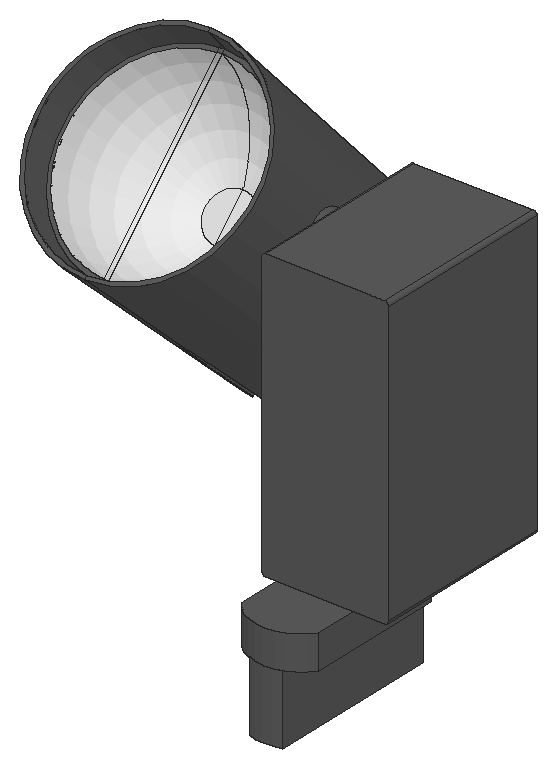
Revit family "0004896 Feilo Sylvania Lighting Fixture START TRACK SPOT S 14W 4K RA90 MB BLACK", category Lighting Fixtures, host Face, Revit 2017 (continued)
Definition of nested family "Start Track Spot Head"
  Types (96, lengths in mm): name | Wattage | built-in parameter 1150134 | Photometric Web File | Model | built-in parameter 1150105 | Lumens | built-in parameter 1150107 | built-in parameter 1150106 | HeadThickness_FEILO | HeadRibOffset_FEILO | HeadRibDepth_FEILO | HeadRibCutWidth_FEILO | HeadRibCutOffset_FEILO | HeadReflectorRadius_FEILO | HeadReflectorOffset_FEILO | HeadLEDRadius_FEILO | HeadHeight_FEILO | HeadDiffusorOffset_FEILO | HeadDiaOut_FEILO | HeadDiaIn_FEILO | HeadAxisFromTop_FEILO | Emit from Circle Diameter | built-in parameter 1150104 | Description | Apparent Load
    0004812 START TRACK SPOT S 14W 3K RA80 MB WHITE | 14 W | (empty or 0) | "0004812.ies" | "START TRACK SPOT S 14W 3K RA80 MB WHITE" | 120.32 (stored number, unit not read) | 1512 lm | 3000 (stored number, unit not read) | 1.2032 (stored number, unit not read) | 1.5 | 4.179 | 55.714 | 7.167 | 50.87 | 50.588 | 55.714 | 9.556 | 117 | 9.435 | 86 | 77.477 | 69.354 | 77.477 | 10.034 (stored number, unit not read) | "Integrated LED spotlight, Textured White - RAL9016, compact and minimalist design, ideal for retail applications, die-cast aluminium body, passive cooling heatsink. Beam angle: 36°, color temperature: 3000K , total system power: 14W, total fixture output: 1508 lm, LOR: 100%, colour rendering: Ra: 80 typical, LED Chromaticity: 3 step MacAdam ellipse, lifetime: >50000 hours at L70B50, energy class: A++, A+, A, IR/UV free light source without heat radiation, operating voltage: 220-240V / 50-60Hz, drive current: 350mA, electronic driver, non-dimmable, power factor: 0.92, electrical protection: Class II, Global Track 3 Phase adapter suitable for Global trac 3-circuit tracks, ingress protection rating: IP20, suitable for internal environment only, horizontal rotation: 355°, vertical tilt: 90°, dimensions: Ø86x140x200, weight: 0.940kg." | 14 VA
    0004811 START TRACK SPOT S 14W 3K RA80 NB WHITE | 14 W | (empty or 0) | "0004811.ies" | "START TRACK SPOT S 14W 3K RA80 NB WHITE" | 123.66 (stored number, unit not read) | 1554 lm | 3000 (stored number, unit not read) | 1.2366 (stored number, unit not read) | 1.5 | 4.179 | 55.714 | 7.167 | 50.87 | 50.588 | 55.714 | 9.556 | 117 | 9.435 | 86 | 77.477 | 69.354 | 77.477 | 10.312 (stored number, unit not read) | "Integrated LED spotlight, Textured White - RAL9016, compact and minimalist design, ideal for retail applications, die-cast aluminium body, passive cooling heatsink. Beam angle: 12°, color temperature: 3000K , total system power: 14W, total fixture output: 1551 lm, LOR: 100%, colour rendering: Ra: 80 typical, LED Chromaticity: 3 step MacAdam ellipse, lifetime: >50000 hours at L70B50, energy class: A++, A+, A, IR/UV free light source without heat radiation, operating voltage: 220-240V / 50-60Hz, drive current: 350mA, electronic driver, non-dimmable, power factor: 0.92, electrical protection: Class II, Global Track 3 Phase adapter suitable for Global trac 3-circuit tracks, ingress protection rating: IP20, suitable for internal environment only, horizontal rotation: 355°, vertical tilt: 90°, dimensions: Ø86x140x200, weight: 0.940kg." | 14 VA
  Reference planes
    plane 1 "Center (Front/Back)": y = 0
    plane 2: z = 0
    plane 3 "Center (Left/Right)": x = 0
    plane 4: x = 43
    plane 5: x = -43
    plane 6: x = -38.739
    plane 7: x = 38.739
    plane 8: z = 69.354
    plane 9: z = -47.646
    plane 10: x = -41.5
    plane 11: x = -37.239
    plane 12: z = -38.211
    plane 13: z = -35.211
    plane 14: z = 8.068
    plane 15: x = -9.556
    plane 16: x = -28.667
    plane 17: x = -19.111
    plane 18: x = -27.167
    plane 19: x = -17.611
    plane 20: x = -8.056
    plane 21: z = 13.64
    plane 22: x = -29.667
    plane 23: x = -26.167
    plane 24: x = -20.111
    plane 25: x = -16.611
    plane 26: x = -10.556
    plane 27: x = -7.056
    plane 28: x = -36.239
    plane 29: x = -40.5
    plane 30: z = 65.175
    plane 31: z = 60.997
    plane 32: z = 56.818
    plane 33: z = 18.484
    plane 34: y = -43
    plane 35: y = 43
    plane 36: y = 3.583
    plane 37: y = -3.583
    plane 38: y = -2.583
    plane 39: y = 2.583
    plane 40: y = 46
    plane 41: z = 13.5
    plane 42: z = -13.5
    plane 43: y = 39
    plane 44: x = 4.708
    plane 45: x = -2.458
    plane 46: x = -1.458
    plane 47: x = 1.458
  Forms (mm)
    Extrusion 1, solid
      sketch origin (4.2, 0, 0) x (1, 0, 0) y (0, 1, 0)
        loop
          line (-1219.2, 1219.2) -> (-1219.2, -1219.2) -> (1219.2, -1219.2) -> (1219.2, 1219.2) -> (-1219.2, 1219.2)
      from 0 to -68.017
    Revolve 2, solid, material <- "Material_1_FEILO", detail levels medium+fine
      sketch origin (0, 0, 0) x (1, 0, 0) y (0, 0, 1)
        loop
          line (-43, -47.646) -> (-41.5, -47.646) -> (-40.5, -35.211) -> (-38.739, -35.211)
          arc (-38.739, -35.211) -> (-30.16, -9.517) -> (-9.556, 8.068) r 50.588
          line (-9.556, 8.068) -> (0, 8.068) -> (0, 13.64) -> (-16.611, 13.64) -> (-17.611, 60.997) -> (-19.111, 60.997) -> (-20.111, 13.64) -> (-36.239, 13.64) -> (-37.239, 69.354) -> (-38.739, 69.354) -> (-43, -47.646)
        axis (0, 69.354) -> (0, -47.646)
      angle from 360 to 0
    Extrusion 3, void
      sketch origin (0, 0, 0) x (0, 1, 0) y (0, 0, 1)
        loop
          line (-3.583, 69.354) -> (-2.583, 18.484) -> (1.932, 18.484) -> (2.932, 69.354) -> (-3.583, 69.354)
      from 43 to -43
    Revolve 4, solid, material <- "Material_2_FEILO", detail levels medium+fine
      sketch origin (0, 0, 0) x (1, 0, 0) y (0, 0, 1)
        loop
          line (-41.5, -38.211) -> (0, -38.211) -> (0, -35.211) -> (-41.5, -35.211) -> (-41.5, -38.211)
        axis (0, -35.211) -> (0, -38.211)
      angle from 360 to 0
    Revolve 5, solid, material <- "Material_1_FEILO"
      sketch origin (0, 0, 0) x (0, 1, 0) y (0, 0, 1)
        loop
          line (46, 0) -> (39, 0) -> (39, -13.5) -> (46, -13.5) -> (46, 0)
        axis (39, 0) -> (46, 0)
      angle from 360 to 0
    Revolve 6, solid, material <- "Material_1_FEILO", detail levels medium+fine
      sketch origin (0, 0, 0) x (1, 0, 0) y (0, 0, 1)
        loop
          line (-29.667, 13.64) -> (-26.167, 13.64) -> (-27.167, 65.175) -> (-28.667, 65.175) -> (-29.667, 13.64)
        loop
          line (-10.556, 13.64) -> (-7.056, 13.64) -> (-7.833, 56.818) -> (-9.778, 56.818) -> (-10.556, 13.64)
        axis (0, 65.175) -> (0, 13.64)
      angle from 360 to 0
    Extrusion 7, void
      sketch origin (0, 0, 0) x (1, 0, 0) y (0, 0, 1)
        loop
          line (4.708, 69.354) -> (-2.458, 69.354) -> (-1.458, 13.64) -> (1.458, 13.64) -> (4.708, 69.354)
      from -43 to 43
    Revolve 8, solid, material <- "Material_1_FEILO", detail levels coarse
      sketch origin (0, 0, 0) x (1, 0, 0) y (0, 0, 1)
        loop
          line (0, 69.354) -> (-38.739, 69.354) -> (-43, -47.646) -> (-41.5, -47.646) -> (-40.731, -38.211) -> (0, -38.211) -> (0, 69.354)
        axis (0, 69.354) -> (0, -47.646)
      angle from 360 to 0
  Cuts and joins
    Extrusion 3 cuts Revolve 2
    Extrusion 7 cuts Revolve 6
  Dimensions and locks
    equal spacing: plane 7, plane 3 "Center (Left/Right)", plane 6
    equal spacing: plane 4, plane 3 "Center (Left/Right)", plane 5
    "HeadDiaOut_FEILO": plane 4 to plane 5
    "HeadDiaIn_FEILO": plane 7 to plane 6
    "HeadHeight_FEILO": plane 8 to plane 9
    "HeadThickness_FEILO": plane 10 to plane 5
    "HeadThickness_FEILO": plane 11 to plane 6
    "HeadDiffusorOffset_FEILO": plane 12 to plane 9
    "HeadDiffusorThickness_FEILO": plane 13 to plane 12
    "HeadReflectorOffset_FEILO": plane 14 to plane 9
    "HeadLEDRadius_FEILO": plane 3 "Center (Left/Right)" to plane 15
    "HeadLEDRadius_FEILO": plane 15 to plane 17
    "HeadLEDRadius_FEILO": plane 17 to plane 16
    "HeadThickness_FEILO": plane 18 to plane 16
    "HeadThickness_FEILO": plane 19 to plane 17
    "HeadThickness_FEILO": plane 20 to plane 15
    "HeadRibDepth_FEILO": plane 8 to plane 21
    "HeadDraft_FEILO": plane 16 to plane 22
    "HeadDraft_FEILO": plane 23 to plane 18
    "HeadDraft_FEILO": plane 17 to plane 24
    "HeadDraft_FEILO": plane 25 to plane 19
    "HeadDraft_FEILO": plane 15 to plane 26
    "HeadDraft_FEILO": plane 27 to plane 20
    "HeadDraft_FEILO": plane 29 to plane 10
    "HeadDraft_FEILO": plane 28 to plane 11
    "HeadRibOffset_FEILO": plane 8 to plane 30
    "HeadRibOffset_FEILO": plane 30 to plane 31
    "HeadRibOffset_FEILO": plane 31 to plane 32
    "HeadAxisFromTop_FEILO": plane 8 to plane 2
    "HeadRibCutOffset_FEILO": plane 8 to plane 33
    equal spacing: plane 34, plane 1 "Center (Front/Back)", plane 35
    "HeadDiaOut_FEILO": plane 34 to plane 35
    equal spacing: plane 38, plane 1 "Center (Front/Back)", plane 39
    equal spacing: plane 37, plane 1 "Center (Front/Back)", plane 36
    "HeadRibCutWidth_FEILO": plane 37 to plane 36
    "HeadDraft_FEILO": plane 37 to plane 38
    locked: plane 35 to plane 40 at 3
    equal spacing: plane 41, plane 2, plane 42
    locked: plane 42 to plane 41 at 27
    locked: plane 43 to plane 35 at 4
    equal spacing: plane 45, imposter light, plane 44
    "HeadDraft_FEILO": plane 46 to plane 45
    "HeadRibCutWidth_FEILO": plane 44 to plane 45
    equal spacing: plane 47, plane 3 "Center (Left/Right)", plane 46
    "HeadReflectorRadius_FEILO": radius of Revolve 2 sketch curve
    aligned and locked: plane 2 to Extrusion 1
    aligned and locked: level to Extrusion 1
    aligned and locked: Revolve 2 sketch curve to plane 3 "Center (Left/Right)"  (x2)
    aligned and locked: plane 9 to Revolve 2 sketch curve  (x2)
    aligned and locked: plane 5 to Revolve 2 sketch curve
    aligned and locked: plane 10 to Revolve 2 sketch curve
    aligned and locked: plane 14 to Revolve 2 sketch curve
    aligned and locked: plane 8 to Revolve 2 sketch curve
    aligned and locked: Revolve 2 sketch curve to plane 13
    aligned and locked: plane 12 to Revolve 4 sketch curve
    aligned and locked: plane 3 "Center (Left/Right)" to Revolve 4 sketch curve
    aligned and locked: Revolve 4 sketch curve to plane 10
    aligned and locked: Revolve 4 sketch curve to plane 3 "Center (Left/Right)"
    aligned and locked: plane 12 to imposter light
    aligned and locked: imposter light to plane 1 "Center (Front/Back)"
    aligned and locked: Revolve 5 sketch curve to plane 2
    aligned and locked: plane 43 to Revolve 5 sketch curve
    aligned and locked: plane 42 to Revolve 5 sketch curve
    aligned and locked: Revolve 6 sketch curve to plane 3 "Center (Left/Right)"
    aligned and locked: plane 22 to Revolve 6 sketch curve
    aligned and locked: plane 30 to Revolve 6 sketch curve
    aligned and locked: plane 23 to Revolve 6 sketch curve
    aligned and locked: Revolve 6 sketch curve to plane 21  (x2)
    aligned and locked: plane 21 to Revolve 6 sketch curve
    aligned and locked: plane 17 to Revolve 2 sketch curve
    aligned and locked: plane 19 to Revolve 2 sketch curve
    aligned and locked: plane 31 to Revolve 2 sketch curve
    aligned and locked: plane 21 to Revolve 2 sketch curve
    aligned and locked: Extrusion 3 to plane 8
    aligned and locked: plane 33 to Extrusion 3
    aligned and locked: plane 8 to Extrusion 3 sketch curve
    aligned and locked: Extrusion 3 sketch curve to plane 33
    aligned and locked: Extrusion 3 to plane 5
    aligned and locked: plane 4 to Extrusion 3
    aligned and locked: plane 32 to Revolve 6 sketch curve
    aligned and locked: plane 44 to Extrusion 7 sketch curve
    aligned and locked: Extrusion 7 sketch curve to plane 8
    aligned and locked: plane 46 to Extrusion 7 sketch curve
    aligned and locked: plane 21 to Extrusion 7 sketch curve
    aligned and locked: plane 34 to Extrusion 7
    aligned and locked: Extrusion 7 to plane 35
    aligned and locked: Revolve 4 sketch curve to plane 13
    aligned and locked: Revolve 5 sketch curve to plane 40
    aligned and locked: Revolve 8 sketch curve to plane 3 "Center (Left/Right)"
    aligned and locked: Revolve 8 sketch curve to cut or joined group of Revolve 2, Extrusion 3  (x3)
    aligned and locked: plane 5 to Revolve 8 sketch curve
    aligned and locked: plane 3 "Center (Left/Right)" to Revolve 8 sketch curve
    aligned and locked: plane 12 to Revolve 8 sketch curve
  Automatic sketch dimensions
    Extrusion 1 sketch curve to Extrusion 1 sketch curve = 2438.4 mm  (x2)
    Extrusion 3 sketch curve to plane 37 = 0 mm
    Extrusion 3 sketch curve to plane 38 = 0 mm
    plane 39 to Extrusion 3 sketch curve = 0.651 mm
    Extrusion 3 sketch curve to plane 39 = 0.349 mm
    Revolve 6 sketch curve to plane 16 = 0 mm
    Revolve 6 sketch curve to plane 18 = 0 mm
    Revolve 6 sketch curve to plane 26 = 0 mm
    Revolve 6 sketch curve to plane 27 = 0 mm
    Revolve 6 sketch curve to plane 15 = 0.222 mm
    plane 9 to Revolve 6 sketch curve = 559.103 mm
    Revolve 6 sketch curve to plane 8 = 2535.555 mm
    plane 20 to Revolve 6 sketch curve = 0.222 mm
    Revolve 2 sketch curve to plane 29 = 0 mm
    Revolve 2 sketch curve to plane 6 = 0 mm  (x2)
    Revolve 2 sketch curve to plane 11 = 0 mm
    Revolve 2 sketch curve to plane 21 = 0 mm
    Revolve 2 sketch curve to plane 28 = 0 mm
    Revolve 2 sketch curve to plane 24 = 0 mm
    Revolve 2 sketch curve to plane 25 = 0 mm
    Revolve 2 sketch curve to plane 15 = 0 mm
    Revolve 2 sketch curve to Revolve 2 sketch curve = 557.155 mm
    Revolve 2 sketch curve to plane 8 = 2535.558 mm
    Extrusion 7 sketch curve to plane 45 = 0 mm
    Extrusion 7 sketch curve to plane 47 = 0 mm
    plane 9 to Revolve 4 sketch curve = 559.103 mm
    Revolve 4 sketch curve to plane 8 = 2535.555 mm
    Revolve 5 sketch curve to level = 0 mm
    plane 34 to Revolve 5 sketch curve = 1968.092 mm
    Revolve 5 sketch curve to plane 40 = 1405.763 mm
    Revolve 8 sketch curve to plane 6 = 0 mm
    Revolve 8 sketch curve to plane 29 = 0.231 mm
    plane 9 to Revolve 8 sketch curve = 559.103 mm
    Revolve 8 sketch curve to Revolve 8 sketch curve = 2535.555 mm
Definition of nested family "Start Track Spot Box"
  Parameters (values of type "Type Large White")
    URL = "http://www.feilosylvania.com"
    Type Image = (empty or 0)
    Type Comments = "n/a"
    Small_FEILO = no
    Material_3_FEILO = none
    Model = ""
    Manufacturer = "Feilo Sylvania"
    Keynote = ""
    Material_2_FEILO = none
    Description = ""
    Default Elevation = 1219.2 mm
    Cost = 0
    Material_1_FEILO = none
    BoxWidth_FEILO = 49 mm
    BoxStartAngle_FEILO [instance] = 0.00°
    BoxRadius_FEILO = 1.5 mm
    BoxHeight_FEILO = if(Small_FEILO, 112 mm, 136 mm)  # 136 mm
    BoxEndAngle_FEILO [instance] = BoxStartAngle_FEILO - 180.00°  # -180.00°
    BoxDepth_FEILO = if(Small_FEILO, 71.5 mm, 79 mm)  # 79 mm
    BoxAxisVerticalOffset_FEILO = 16 mm
    BoxAxisOffset_FEILO = BoxHeight_FEILO / 6.8  # 20 mm
    Assembly Code = ""
    Material_4_FEILO = none
  Types (4, lengths in mm): name | Small_FEILO | BoxHeight_FEILO | BoxDepth_FEILO | BoxAxisOffset_FEILO
    Type Large White | no | 136 | 79 | 20
    Type Small White | yes | 112 | 71.5 | 16.471
    Type Small Black | yes | 112 | 71.5 | 16.471
    Type Large Black | no | 136 | 79 | 20
  Reference planes
    plane 1 "Center (Front/Back)": y = 0
    plane 2: z = 0
    plane 3 "Center (Left/Right)": x = 0
    plane 4: x = 24.5
    plane 5: x = -24.5
    plane 6: y = 68
    plane 7: y = -68
    plane 8: z = 39.5
    plane 9: z = -39.5
    plane 10: y = -48
    plane 11: x = 30.5
    plane 12: x = 8.5
    plane 13: x = 21.5
    plane 14: y = 70
    plane 15: y = 72
    plane 16: x = 19.5
  Forms (mm)
    Extrusion 1, solid
      sketch origin (4.2, 0, 0) x (1, 0, 0) y (0, 1, 0)
        loop
          line (-1219.2, 1219.2) -> (-1219.2, -1219.2) -> (1219.2, -1219.2) -> (1219.2, 1219.2) -> (-1219.2, 1219.2)
      from 0 to -68.017
    Extrusion 2, solid, material <- "Material_1_FEILO"
      sketch origin (0, 0, 0) x (1, 0, 0) y (0, 1, 0)
        loop
          arc (-23, 68) -> (-24.061, 67.561) -> (-24.5, 66.5) r 1.5
          line (-24.5, 66.5) -> (-24.5, -66.5)
          arc (-24.5, -66.5) -> (-24.061, -67.561) -> (-23, -68) r 1.5
          line (-23, -68) -> (23, -68)
          arc (23, -68) -> (24.061, -67.561) -> (24.5, -66.5) r 1.5
          line (24.5, -66.5) -> (24.5, 66.5)
          arc (24.5, 66.5) -> (24.061, 67.561) -> (23, 68) r 1.5
          line (23, 68) -> (-23, 68)
      from -39.5 to 39.5
    Revolve 3, solid, not visible
      sketch origin (0, 0, 0) x (1, 0, 0) y (0, 1, 0)
        loop
          line (30.5, -48) -> (24.5, -48) -> (24.5, -68) -> (30.5, -68) -> (30.5, -48)
        axis (30.5, -48) -> (24.5, -48)
      angle from 0 <- "BoxStartAngle_FEILO" to -180 <- "BoxEndAngle_FEILO"
    Revolve 4, solid, material <- "Material_2_FEILO"
      sketch origin (0, 0, 0) x (1, 0, 0) y (0, 1, 0)
        loop
          line (8.5, 68) -> (19.5, 68) -> (19.5, 70) -> (21.5, 70) -> (21.5, 72) -> (8.5, 72) -> (8.5, 68)
        axis (8.5, 72) -> (8.5, 68)
      angle from 360 to 0
  Dimensions and locks
    equal spacing: plane 5, plane 3 "Center (Left/Right)", plane 4
    "BoxWidth_FEILO": plane 5 to plane 4
    equal spacing: plane 7, plane 1 "Center (Front/Back)", plane 6
    "BoxHeight_FEILO": plane 7 to plane 6
    equal spacing: plane 8, plane 2, plane 9
    "BoxDepth_FEILO": plane 8 to plane 9
    "BoxAxisOffset_FEILO": plane 7 to plane 10
    locked: plane 4 to plane 11 at 6
    "BoxAxisVerticalOffset_FEILO": plane 12 to plane 4
    locked: plane 12 to plane 13 at 13
    plane 6 to plane 14 to plane 15 = 2 mm locked, 2 mm locked
    locked: plane 12 to plane 16 at 11
    "BoxRadius_FEILO": radius of Extrusion 2 sketch curve  (x4)
    aligned and locked: plane 2 to Extrusion 1
    aligned and locked: level to Extrusion 1
    aligned and locked: plane 6 to Extrusion 2 sketch curve
    aligned and locked: plane 5 to Extrusion 2 sketch curve
    aligned and locked: Extrusion 2 sketch curve to plane 7
    aligned and locked: Extrusion 2 sketch curve to plane 4
    aligned and locked: Extrusion 2 to plane 8
    aligned and locked: plane 9 to Extrusion 2
    aligned and locked: Revolve 3 sketch curve to plane 10  (x2)
    aligned and locked: plane 11 to Revolve 3 sketch curve
    aligned and locked: Revolve 3 sketch curve to plane 4
    aligned and locked: plane 7 to Revolve 3 sketch curve
    aligned and locked: Revolve 4 sketch curve to plane 12
    aligned and locked: plane 6 to Revolve 4 sketch curve
    aligned and locked: plane 12 to Revolve 4 sketch curve
    aligned and locked: plane 15 to Revolve 4 sketch curve
    aligned and locked: Revolve 4 sketch curve to plane 13
    aligned and locked: Revolve 4 sketch curve to plane 14
    aligned and locked: Revolve 4 sketch curve to plane 16
    aligned and locked: Revolve 4 sketch curve to plane 6
  Automatic sketch dimensions
    Extrusion 1 sketch curve to Extrusion 1 sketch curve = 2438.4 mm  (x2)
    Revolve 3 sketch curve to plane 5 = 1499.5 mm
    plane 11 to Revolve 3 sketch curve = 1493.5 mm
    plane 15 to Revolve 4 sketch curve = 0 mm
    plane 7 to Revolve 4 sketch curve = 1456 mm
    Revolve 4 sketch curve to plane 15 = 1452 mm
